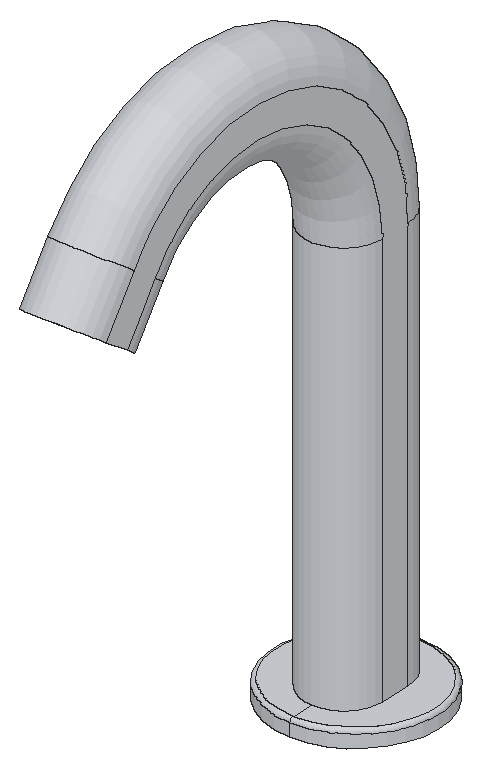
Revit family "Faucet_Touchless-Lavatory-KOHLER-Oblo-K-104B77_1", category Plumbing Fixtures, host Face, Revit 2017
Family settings
  Host = Face
  Round Connector Dimension = Use Diameter
  Part Type = Normal
  OmniClass Number = 23.31.11.00
  OmniClass Title = Faucets
  Cut with Voids When Loaded = No
  Shared = No
  Room Calculation Point = No
Parameters (values of type "CP-Polished Chrome")
  Width = 2 5/16"  # constant formula
  WaterSense Certified = 1 = 0  # no
  Waste Water Outlet = "Waste Water Outlet"  # constant formula
  Waste Connection = 1 = 0  # no
  Vent Connection = 1 = 0  # no
  URL = "https://www.us.kohler.com/us/"
  Spout Reach = Length  # 4 7/8"
  Product Page URL = "http://www.us.kohler.com/us/catalog/productDetails.jsp?productNumber=104B77-SANA"
  Product Name = "Oblo"  # constant formula
  Product Documentation Link = "https://www.us.kohler.com/webassets/kpna/catalog/pdf/en/K-104B77-SANA_spec.pdf"
  Pressure = 60.00 psi  # constant formula
  Model = "K-104B77-SANA-CP"  # constant formula
  Material = " Brass Construction"  # constant formula
  MasterFormat 2004 = "22.41.39"  # constant formula
  MasterFormat 1995 = "15410"  # constant formula
  Manufacturer Address = "444 Highland Dr, Kohler, WI 53044"  # constant formula
  Manufacturer = "KOHLER Co."  # constant formula
  Length = 4 7/8"  # constant formula
  Hot Water Inlet = "Hot Water Inlet"  # constant formula
  Height = 9 1/4"  # constant formula
  HW Connection = 1 = 1  # yes
  Flow Rate = 0.5 GPM  # constant formula
  Finish = Kohler-Metal-CP-Polished_Chrome
  Environmental Product Declaration = ""
  Drain Included = 1 = 1  # yes
  Description = "Touchless faucet with Kinesis™ sensor technology and temperature mixer, DC-powered"  # constant formula
  Default Elevation = 36"
  Declare Label = ""
  Date Modified = "03/27/2020"  # constant formula
  Date Created = "03/27/2020"  # constant formula
  Copyright = "Copyright KOHLER Co."  # constant formula
  Contact Us = "https://www.us.kohler.com/us/static/contact.jsp"
  Cold Water Inlet = "Cold Water Inlet"  # constant formula
  CW Connection = 1 = 1  # yes
  Assembly Code = "D2010"
  ADA Compliant = 1 = 1  # yes
Reference planes (in)
  plane 1 "Center (Front/Back)": y = 0
  plane 2: z = 0
  plane 3 "Center (Left/Right)": x = 0
  plane 4: x = -1.15625
  plane 5: x = 1.15625
  plane 6: y = 1.15625
  plane 7: y = -1.15625
  plane 8: y = -4.875
  plane 9: z = 9.25
  plane 10: z = 6.8125
Dimensions and locks (in)
  "Width": plane 4 to plane 5
  plane 7 to plane 6 = 2 5/16"
  "Length": plane 8 to plane 1 "Center (Front/Back)"
  "Height": plane 9 to plane 2
  plane 10 to plane 2 = 6 13/16"
  aligned and locked: plane 2 to host face
  aligned and locked: level to host face
Automatic sketch dimensions
  host sketch curve to host sketch curve = 96"  (x2)
Nested families (in)
  nested 1: "K-104B77" at (0, 0, 0), type "K-104B77"
Connectors (in)
  piping at (-0.65388, 0, 0.02263), diameter 0.375, driven by "Flow Rate", driven by "Pressure", driven by "HW Connection", driven by "Hot Water Inlet"
    settings: on nested 1, index 1, connector inside diameter 24", connector length 0", flow factor 0, pipe flow 0.5 GPM, pressure drop 60.00 psi, fitting loss kfactor 0, connector angle 0.00°, fixture units 0, engagement length 0", angle of deflection 0.00°, flow configuration 1, flow direction 1, fitting loss method 4, system type 19, joint type 0, gender type 0, connector reference index -1, connector utility 1, adjustable connector no, is connector primary yes, connector description "Hot Water Inlet"
  piping at (0.65388, 0, 0), diameter 0.375, driven by "Flow Rate", driven by "Pressure", driven by "CW Connection", driven by "Cold Water Inlet"
    settings: on nested 1, index 2, connector inside diameter 24", connector length 0", flow factor 0, pipe flow 0.5 GPM, pressure drop 60.00 psi, fitting loss kfactor 0, connector angle 0.00°, fixture units 0, engagement length 0", angle of deflection 0.00°, flow configuration 1, flow direction 1, fitting loss method 4, system type 20, joint type 0, gender type 0, connector reference index -1, connector utility 1, adjustable connector no, is connector primary no, connector description "Cold Water Inlet"
Definition of nested family "K-104B77"
  Parameters (values of type "K-104B77")
    Material = none
  Reference planes (in)
    plane 1 "Center (Front/Back)": y = 0
    plane 2: z = 0
    plane 3 "Center (Left/Right)": x = 0
    plane 4: x = -1.15625
    plane 5: x = 1.15625
    plane 6: y = 1.15625
    plane 7: y = -1.15625
    plane 8: z = 9.25
    plane 9: y = -4.875
    plane 10: z = 6.8125
  Forms (in)
    Revolve 1, solid, material <- "Material", detail levels medium+fine
      sketch origin (0, 0, 0) x (0, 1, 0) y (0, 0, 1)
        loop
          line (1.15625, 0) -> (1.15625, 0.17964)
          arc (1.15625, 0.17964) -> (1.13968, 0.21965) -> (1.09967, 0.23622) r 0.05658
          line (1.09967, 0.23622) -> (0, 0.23622) -> (0, 0) -> (1.15625, 0)
        axis (0, 0) -> (0, 0.23622)
      angle from 0 to 360
    Sweep 2, solid, material <- "Material", detail levels medium+fine
      path origin (0, 0, -0.0166) x (0, 1, 0) y (0, 0, 1)
        loop
          line (0, 0.25282) -> (0, 6.07301)
          arc (0, 6.07301) -> (-1.69297, 8.38192) -> (-4.4041, 7.46161) r 2.42096
          line (-4.4041, 7.46161) -> (-4.89067, 6.76672)
      profile origin (0, 0, 3.14631) x (0, -1, 0) y (1, 0, 0)
        loop
          spline (0.22638, -0.55118) -> (0.36802, -0.53239) -> (0.50001, -0.47732) -> (0.61335, -0.3897) -> (0.70031, -0.27552) -> (0.75496, -0.14256) -> (0.77357, 0.00012) -> (0.75489, 0.14279) -> (0.70018, 0.27573) -> (0.61318, 0.38987) -> (0.4998, 0.47744) -> (0.36779, 0.53246) -> (0.22613, 0.55118)
          line (0.22613, 0.55118) -> (-0.22638, 0.55118)
          spline (-0.22638, 0.55118) -> (-0.368, 0.5324) -> (-0.49998, 0.47734) -> (-0.6133, 0.38974) -> (-0.70026, 0.27559) -> (-0.75493, 0.14266) -> (-0.77358, 0) -> (-0.75493, -0.14266) -> (-0.70026, -0.27559) -> (-0.6133, -0.38974) -> (-0.49998, -0.47734) -> (-0.368, -0.5324) -> (-0.22638, -0.55118)
          line (-0.22638, -0.55118) -> (0.22638, -0.55118)
    Extrusion 3, solid, material <- "Material", detail levels coarse
      sketch origin (0, 0, 0) x (1, 0, 0) y (0, 1, 0)
        loop
          circle (0, 0) r 1.15625
      from 0 to 0.23622
    Sweep 4, solid, material <- "Material", detail levels coarse
      path origin (0, 0, -0.0166) x (0, 1, 0) y (0, 0, 1)
        loop
          line (0, 0.25282) -> (0, 6.07301)
          arc (0, 6.07301) -> (-1.69297, 8.38192) -> (-4.4041, 7.46161) r 2.42096
          line (-4.4041, 7.46161) -> (-4.89067, 6.76672)
      profile origin (0, 0, 3.14631) x (0, -1, 0) y (1, 0, 0)
        loop
          circle (0, 0) r 0.87734
    Extrusion 5, void
      sketch origin (0, -4.89067, 6.75012) x (1, 0, 0) y (0, -0.819152, 0.573576)
        loop
          circle (0.00001, 0.10763) r 0.5
        loop
          circle (0.00001, 0.10763) r 0.48516
        loop
          circle (0.00001, 0.10763) r 0.41777
      from -0.16869 to 0.18137
    Extrusion 6, solid, material <- "Material", detail levels medium+fine
      sketch origin (0, 0, 0) x (1, 0, 0) y (0, 1, 0)
        loop
          circle (-0.65388, 0) r 0.09901
        loop
          circle (0.65388, 0) r 0.09901
      from 0 to 0.02263
    Extrusion 7, solid, detail levels medium+fine
      sketch origin (0, -4.87262, 6.73748) x (1, 0, 0) y (0, -0.819152, 0.573576)
        loop
          arc (-0.05387, 0.31259) -> (-0.14858, 0.27822) -> (-0.2257, 0.21338) r 0.2885
          line (-0.2257, 0.21338) -> (-0.19111, 0.19341) -> (-0.24065, 0.1076) -> (-0.27524, 0.12757)
          arc (-0.27524, 0.12757) -> (-0.29283, 0.02837) -> (-0.27524, -0.07084) r 0.2885
          line (-0.27524, -0.07084) -> (-0.24065, -0.05087) -> (-0.19111, -0.13668) -> (-0.2257, -0.15665)
          arc (-0.2257, -0.15665) -> (-0.14858, -0.22149) -> (-0.05387, -0.25585) r 0.2885
          line (-0.05387, -0.25585) -> (-0.05387, -0.21591) -> (0.04521, -0.21591) -> (0.04521, -0.25585)
          arc (0.04521, -0.25585) -> (0.13992, -0.22149) -> (0.21704, -0.15665) r 0.2885
          line (0.21704, -0.15665) -> (0.18245, -0.13668) -> (0.23199, -0.05087) -> (0.26658, -0.07084)
          arc (0.26658, -0.07084) -> (0.28418, 0.02837) -> (0.26658, 0.12757) r 0.2885
          line (0.26658, 0.12757) -> (0.23199, 0.1076) -> (0.18245, 0.19341) -> (0.21704, 0.21338)
          arc (0.21704, 0.21338) -> (0.13992, 0.27822) -> (0.04521, 0.31259) r 0.2885
          line (0.04521, 0.31259) -> (0.04521, 0.27264) -> (-0.05387, 0.27264) -> (-0.05387, 0.31259)
      from -0.16869 to -0.08135
  Cuts and joins
    Extrusion 5 cuts Sweep 2
    joined: Revolve 1, Sweep 2
    joined: Extrusion 3, Sweep 4
  Lines and regions (in)
    Masking region 1
      outline origin (0, 0, 0) x (1, 0, 0) y (0, 1, 0)
        loop
          arc (0.55118, -1.01642) -> (1.12075, 0.28432) -> (0, 1.15625) r 1.15625
          arc (0, 1.15625) -> (-1.12075, 0.28432) -> (-0.55118, -1.01642) r 1.15625
          line (-0.55118, -1.01642) -> (-0.55118, -5.07611)
          spline (-0.55118, -5.07611) -> (-0.53241, -5.19209) -> (-0.47738, -5.30017) -> (-0.38983, -5.39299) -> (-0.27574, -5.46422) -> (-0.14286, -5.50903) -> (-0.00026, -5.52435) -> (0.14237, -5.50914) -> (0.27529, -5.46443) -> (0.38947, -5.39328) -> (0.47712, -5.30053) -> (0.53228, -5.19249) -> (0.55118, -5.07653)
          line (0.55118, -5.07653) -> (0.55118, -1.01642)
    Masking region 2
      outline origin (0, 0, 0) x (1, 0, 0) y (0, 0, 1)
        loop
          line (1.15625, 0) -> (1.15625, 0.18027)
          arc (1.15625, 0.18027) -> (1.13986, 0.21983) -> (1.1003, 0.23622) r 0.05595
          line (1.1003, 0.23622) -> (0.55118, 0.23622) -> (0.55118, 8.69977)
          arc (0.55118, 8.69977) -> (0, 9.25096) -> (-0.55118, 8.69977) r 0.55118
          line (-0.55118, 8.69977) -> (-0.55118, 0.23622) -> (-1.1003, 0.23622)
          arc (-1.1003, 0.23622) -> (-1.13986, 0.21983) -> (-1.15625, 0.18027) r 0.05595
          line (-1.15625, 0.18027) -> (-1.15625, 0) -> (1.15625, 0)
    Masking region 3
      outline origin (0, 0, 0) x (0, 1, 0) y (0, 0, 1)
        loop
          line (1.15625, 0) -> (1.15625, 0.18047)
          arc (1.15625, 0.18047) -> (1.13992, 0.21989) -> (1.1005, 0.23622) r 0.05575
          line (1.1005, 0.23622) -> (0.77357, 0.23622) -> (0.77357, 6.05478)
          arc (0.77357, 6.05478) -> (-1.46071, 9.10195) -> (-5.03871, 7.88738) r 3.19505
          line (-5.03871, 7.88738) -> (-5.52435, 7.19382) -> (-4.257, 6.30641) -> (-3.77602, 6.99332)
          arc (-3.77602, 6.99332) -> (-1.92773, 7.62073) -> (-0.77357, 6.04666) r 1.65046
          line (-0.77357, 6.04666) -> (-0.77357, 0.23622) -> (-1.1005, 0.23622)
          arc (-1.1005, 0.23622) -> (-1.13992, 0.21989) -> (-1.15625, 0.18047) r 0.05575
          line (-1.15625, 0.18047) -> (-1.15625, 0) -> (1.15625, 0)
    symbolic lines, detail levels medium+fine
      curve 1: spline (-0.55118, 0.22638, 0) -> (-0.5324, 0.368, 0) -> (-0.47734, 0.49998, 0) -> (-0.38974, 0.6133, 0) -> (-0.27559, 0.70026, 0) -> (-0.14266, 0.75493, 0) -> (0, 0.77357, 0) -> (0.14266, 0.75493, 0) -> (0.27559, 0.70026, 0) -> (0.38974, 0.6133, 0) -> (0.47734, 0.49998, 0) -> (0.5324, 0.368, 0) -> (0.55118, 0.22638, 0)
      curve 2: line (-0.55118, 0.22638, 0) -> (-0.55118, -1.01642, 0)
      curve 3: line (0.55118, 0.22638, 0) -> (0.55118, -1.01642, 0)
      curve 4: line (-0.55118, 0, 0.23622) -> (0.55118, 0, 0.23622)
      curve 5: line (0, 0.77357, 0.23622) -> (0, -0.77357, 0.23622)
      curve 6: line (0, 0.30078, 0.23622) -> (0, 0.30078, 6.20994)
      curve 7: arc (0, 0.30078, 6.20994) -> (0, -1.56867, 8.75954) -> (0, -4.56242, 7.7433) r 2.67334
      curve 8: line (0, -5.13706, 6.92264) -> (0, -4.56242, 7.7433)
      curve 9: line (0, -4.64429, 6.5776) -> (0, -4.06965, 7.39826)
      curve 10: arc (0, -0.30078, 6.20994) -> (0, -1.74956, 8.18582) -> (0, -4.06965, 7.39826) r 2.07177
      curve 11: line (0, -0.30078, 0.23622) -> (0, -0.30078, 6.20994)
      curve 12: spline (0.55127, 0, 6.96247) -> (0.53249, 0, 7.04371) -> (0.47743, 0, 7.1194) -> (0.38983, 0, 7.18441) -> (0.27568, 0, 7.23428) -> (0.14275, 0, 7.26564) -> (0.00009, 0, 7.27633) -> (-0.14257, 0, 7.26564) -> (-0.2755, 0, 7.23428) -> (-0.38965, 0, 7.18441) -> (-0.47725, 0, 7.1194) -> (-0.53231, 0, 7.04371) -> (-0.55109, 0, 6.96247)
      curve 13: spline (-0.55109, 0, 6.70278) -> (-0.5323, 0, 6.62154) -> (-0.47723, 0, 6.54583) -> (-0.38961, 0, 6.48083) -> (-0.27543, 0, 6.43095) -> (-0.14247, 0, 6.3996) -> (0.00021, 0, 6.38892) -> (0.14288, 0, 6.39964) -> (0.27582, 0, 6.43102) -> (0.38996, 0, 6.48093) -> (0.47753, 0, 6.54596) -> (0.53255, 0, 6.62167) -> (0.55127, 0, 6.70292)
      curve 14: spline (0.50009, 0, 6.88207) -> (0.48305, 0, 6.80784) -> (0.4331, 0, 6.73867) -> (0.35364, 0, 6.67928) -> (0.25009, 0, 6.6337) -> (0.1295, 0, 6.60505) -> (0.00009, 0, 6.59528) -> (-0.12932, 0, 6.60505) -> (-0.24991, 0, 6.6337) -> (-0.35346, 0, 6.67928) -> (-0.43292, 0, 6.73867) -> (-0.48287, 0, 6.80784) -> (-0.49991, 0, 6.88207) -> (-0.48287, 0, 6.95629) -> (-0.43292, 0, 7.02546) -> (-0.35346, 0, 7.08486) -> (-0.24991, 0, 7.13043) -> (-0.12932, 0, 7.15908) -> (0.00009, 0, 7.16885) -> (0.1295, 0, 7.15908) -> (0.25009, 0, 7.13043) -> (0.35364, 0, 7.08486) -> (0.4331, 0, 7.02546) -> (0.48305, 0, 6.95629) -> (0.50009, 0, 6.88207)
      curve 15: spline (0.48525, 0, 6.88207) -> (0.46872, 0, 6.95409) -> (0.42025, 0, 7.0212) -> (0.34315, 0, 7.07884) -> (0.24267, 0, 7.12306) -> (0.12566, 0, 7.15086) -> (0.00009, 0, 7.16034) -> (-0.12548, 0, 7.15086) -> (-0.24249, 0, 7.12306) -> (-0.34297, 0, 7.07884) -> (-0.42007, 0, 7.0212) -> (-0.46854, 0, 6.95409) -> (-0.48507, 0, 6.88207) -> (-0.46854, 0, 6.81004) -> (-0.42007, 0, 6.74293) -> (-0.34297, 0, 6.6853) -> (-0.24249, 0, 6.64107) -> (-0.12548, 0, 6.61327) -> (0.00009, 0, 6.60379) -> (0.12566, 0, 6.61327) -> (0.24267, 0, 6.64107) -> (0.34315, 0, 6.6853) -> (0.42025, 0, 6.74293) -> (0.46872, 0, 6.81004) -> (0.48525, 0, 6.88207)
      curve 16: spline (0.41786, 0, 6.88207) -> (0.40363, 0, 6.82005) -> (0.36189, 0, 6.76225) -> (0.2955, 0, 6.71263) -> (0.20898, 0, 6.67455) -> (0.10822, 0, 6.65061) -> (0.00009, 0, 6.64244) -> (-0.10804, 0, 6.65061) -> (-0.20879, 0, 6.67455) -> (-0.29532, 0, 6.71263) -> (-0.36171, 0, 6.76225) -> (-0.40344, 0, 6.82005) -> (-0.41768, 0, 6.88207) -> (-0.40344, 0, 6.94408) -> (-0.36171, 0, 7.00188) -> (-0.29532, 0, 7.05151) -> (-0.20879, 0, 7.08959) -> (-0.10804, 0, 7.11352) -> (0.00009, 0, 7.12169) -> (0.10822, 0, 7.11352) -> (0.20898, 0, 7.08959) -> (0.2955, 0, 7.05151) -> (0.36189, 0, 7.00188) -> (0.40363, 0, 6.94408) -> (0.41786, 0, 6.88207)
      curve 17: spline (-0.41058, 0, 6.92606) -> (-0.399, 0, 6.8992) -> (-0.38211, 0, 6.87329) -> (-0.36012, 0, 6.84867) -> (-0.33333, 0, 6.82566) -> (-0.30209, 0, 6.80458) -> (-0.26683, 0, 6.78571) -> (-0.22801, 0, 6.76929) -> (-0.18615, 0, 6.75555) -> (-0.1418, 0, 6.74467) -> (-0.09557, 0, 6.73679) -> (-0.04806, 0, 6.73202) -> (0.00009, 0, 6.73042)
      curve 18: spline (0.00009, 0, 6.73042) -> (0.04824, 0, 6.73202) -> (0.09575, 0, 6.73679) -> (0.14198, 0, 6.74467) -> (0.18633, 0, 6.75555) -> (0.22819, 0, 6.76929) -> (0.26701, 0, 6.78571) -> (0.30227, 0, 6.80458) -> (0.33351, 0, 6.82566) -> (0.3603, 0, 6.84867) -> (0.38229, 0, 6.87329) -> (0.39918, 0, 6.8992) -> (0.41076, 0, 6.92606)
      curve 19: line (-0.04911, 0, 6.73966) -> (-0.04911, 0, 6.76257)
      curve 20: line (0.04997, 0, 6.76257) -> (0.04997, 0, 6.73966)
      curve 21: spline (0.2218, 0, 6.79656) -> (0.2106, 0, 6.78932) -> (0.19869, 0, 6.78247) -> (0.18609, 0, 6.77602) -> (0.17287, 0, 6.77001) -> (0.15905, 0, 6.76446) -> (0.14468, 0, 6.75937) -> (0.12983, 0, 6.75478) -> (0.11453, 0, 6.75069) -> (0.09884, 0, 6.74713) -> (0.08282, 0, 6.74409) -> (0.06651, 0, 6.7416) -> (0.04997, 0, 6.73966)
      curve 22: line (0.18721, 0, 6.80802) -> (0.2218, 0, 6.79656)
      curve 23: line (0.23675, 0, 6.85724) -> (0.18721, 0, 6.80802)
      curve 24: line (0.27134, 0, 6.84578) -> (0.23675, 0, 6.85724)
      curve 25: spline (0.27134, 0, 6.95958) -> (0.27668, 0, 6.9504) -> (0.28107, 0, 6.94106) -> (0.2845, 0, 6.93158) -> (0.28696, 0, 6.922) -> (0.28844, 0, 6.91236) -> (0.28894, 0, 6.90268) -> (0.28844, 0, 6.89301) -> (0.28696, 0, 6.88337) -> (0.2845, 0, 6.87379) -> (0.28107, 0, 6.86431) -> (0.27668, 0, 6.85497) -> (0.27134, 0, 6.84578)
      curve 26: line (0.23675, 0, 6.94813) -> (0.27134, 0, 6.95958)
      curve 27: line (0.18721, 0, 6.99735) -> (0.23675, 0, 6.94813)
      curve 28: spline (0.04997, 0, 7.0657) -> (0.06651, 0, 7.06376) -> (0.08282, 0, 7.06127) -> (0.09884, 0, 7.05824) -> (0.11453, 0, 7.05467) -> (0.12983, 0, 7.05059) -> (0.14468, 0, 7.04599) -> (0.15905, 0, 7.04091) -> (0.17287, 0, 7.03535) -> (0.18609, 0, 7.02934) -> (0.19869, 0, 7.0229) -> (0.2106, 0, 7.01605) -> (0.2218, 0, 7.0088)
      curve 29: line (0.2218, 0, 7.0088) -> (0.18721, 0, 6.99735)
      curve 30: line (0.04997, 0, 7.0657) -> (0.04997, 0, 7.02064)
      curve 31: line (0.04997, 0, 7.02064) -> (-0.04911, 0, 7.02064)
      curve 32: line (-0.04911, 0, 7.02064) -> (-0.04911, 0, 7.0657)
      curve 33: spline (-0.22094, 0, 7.0088) -> (-0.20974, 0, 7.01605) -> (-0.19783, 0, 7.0229) -> (-0.18523, 0, 7.02934) -> (-0.172, 0, 7.03535) -> (-0.15818, 0, 7.04091) -> (-0.14382, 0, 7.04599) -> (-0.12897, 0, 7.05059) -> (-0.11367, 0, 7.05467) -> (-0.09798, 0, 7.05824) -> (-0.08195, 0, 7.06127) -> (-0.06565, 0, 7.06376) -> (-0.04911, 0, 7.0657)
      curve 34: line (-0.18635, 0, 6.99735) -> (-0.22094, 0, 7.0088)
      curve 35: line (-0.23589, 0, 6.94813) -> (-0.18635, 0, 6.99735)
      curve 36: line (-0.27048, 0, 6.95958) -> (-0.23589, 0, 6.94813)
      curve 37: spline (-0.27048, 0, 6.84578) -> (-0.27582, 0, 6.85497) -> (-0.28021, 0, 6.86431) -> (-0.28364, 0, 6.87379) -> (-0.2861, 0, 6.88337) -> (-0.28758, 0, 6.89301) -> (-0.28807, 0, 6.90268) -> (-0.28758, 0, 6.91236) -> (-0.2861, 0, 6.922) -> (-0.28364, 0, 6.93158) -> (-0.28021, 0, 6.94106) -> (-0.27582, 0, 6.9504) -> (-0.27048, 0, 6.95958)
      curve 38: line (-0.23589, 0, 6.85724) -> (-0.27048, 0, 6.84578)
      curve 39: line (-0.18635, 0, 6.80802) -> (-0.23589, 0, 6.85724)
      curve 40: line (-0.22094, 0, 6.79656) -> (-0.18635, 0, 6.80802)
      curve 41: spline (-0.04911, 0, 6.73966) -> (-0.06565, 0, 6.7416) -> (-0.08195, 0, 6.74409) -> (-0.09798, 0, 6.74713) -> (-0.11367, 0, 6.75069) -> (-0.12897, 0, 6.75478) -> (-0.14382, 0, 6.75937) -> (-0.15818, 0, 6.76446) -> (-0.172, 0, 6.77001) -> (-0.18523, 0, 6.77602) -> (-0.19783, 0, 6.78247) -> (-0.20974, 0, 6.78932) -> (-0.22094, 0, 6.79656)
      curve 42: line (0.04997, 0, 6.76257) -> (-0.04911, 0, 6.76257)
  Dimensions and locks (in)
    plane 4 to plane 5 = 2 5/16"
    plane 8 to plane 2 = 9 1/4"
    plane 1 "Center (Front/Back)" to plane 9 = 4 7/8"
    plane 10 to plane 2 = 6 13/16"
    aligned and locked: plane 2 to level
